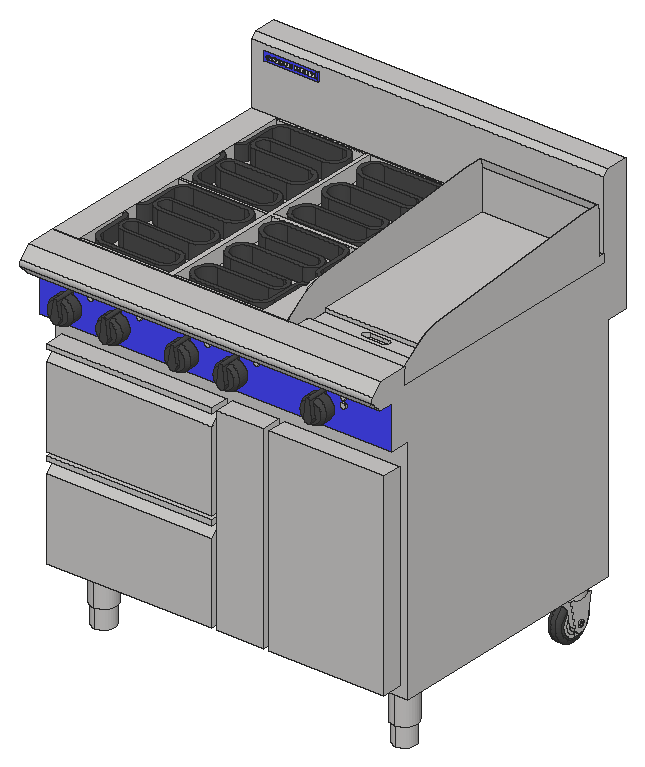
Revit family "QF_MOFFAT_BLUESEAL_CE_E516C-RB", category Specialty Equipment, Revit 2012
Parameters
  Weight in Pounds = 286  # constant formula
  Width [instance] = 900 mm  # constant formula
  Watts = 13000 W
  Volts = 400 V
  URL Cutsheet = "www.moffat.com"
  URL = "www.moffat.com"
  Type Mark [instance] = ""
  Status [instance] = ""
  Specification by User [instance] = ""
  Specification by Manufacturer = ""
  Show Logo [instance] = yes
  Show Door [instance] = no
  Show Clearance [instance] = yes
  Show Casters [instance] = yes
  Serial Number = ""
  Seismic Rating = ""
  SMACNA No = ""
  Revision Code [instance] = ""
  Refrigerant Type [instance] = "R134a"
  Phase = 3
  Omniclass Number and Title = ""
  Number of Poles = 1
  NAFEM Spec ID Number = ""
  Model = "E516C-RB"
  Min Ckt Ampacity = 0 A
  Max Overcurrent Protection = 0 A
  Masterspec = ""
  Manufacturer = "MOFFAT BLUESEAL"
  Legs [instance] = not(Show Casters)  # no
  Item Number [instance] = ""
  Installed By [instance] = ""
  Identify Quantity as Lot [instance] = yes
  Height = 1085 mm  # constant formula
  HP = ""
  Furnished By [instance] = ""
  Foodservice Equipment Identifier [instance] = yes
  FL Amps = 20 A
  Electrical Remarks = "20A PER PHASE"
  Elec Conn RI Height = 0 mm
  Elec Conn Connection Height = 0 mm
  Drawer Clearance [instance] = and(Show Clearance, and(Drawer))  # yes
  Drawer [instance] = not(Show Door)  # yes
  Door Clearance [instance] = and(Show Clearance, and(Show Door))  # no
  Description = "900MM ELECTRIC COOK TOP ON REFRIGERATED BASE"
  Depth [instance] = 812 mm  # constant formula
  Cycle = 50 Hz
  Conn Plug = ""
  Conn Conduit = yes
  CSI MasterFormat = ""
  CSI Master Format = ""
  Back Splash [instance] = 215 mm  # constant formula
  Apparent Power = if(Phase = 3, Volts * FL Amps * 1.73, Volts * FL Amps)  # 13840 VA
Reference planes
  plane 1 "BACK": y = 0
  plane 2: z = 0
  plane 3 "LEFT": x = 0
  plane 4 "RIGHT": x = 900
  plane 5 "FRONT": y = -812
  plane 6 "TOP": z = 970
  plane 7 "Center Y": x = 450
  plane 8 "Center X": y = -406
  plane 9 "Base Height": z = 150
  plane 10: z = 915
  plane 11: x = 65
  plane 12: x = 834
  plane 13: y = -625
  plane 14: x = 770
  plane 15: z = 655
  plane 16: y = -32
  plane 17: x = 617
  plane 18: z = 402
  plane 19: z = 1085
  plane 20: y = -100
Forms (mm)
  Extrusion 1, solid, material "QF_Finishes_Stainless Steel"
    sketch origin (0, 0, 0) x (0, 1, 0) y (0, 0, 1)
      loop
        line (-697, 150) -> (-57, 150) -> (-57, 740) -> (0, 740) -> (0, 1085) -> (-57.5, 1085) -> (-70, 1072.5) -> (-70, 875) -> (-705, 875) -> (-705, 915) -> (-783.97, 915) -> (-808.485, 890.485)
        arc (-808.485, 890.485) -> (-811.999, 882) -> (-808.485, 873.515) r 12
        line (-808.485, 873.515) -> (-784.97, 850) -> (-749, 850) -> (-749, 740) -> (-697, 740) -> (-697, 150)
    from 0 to 900
  Revolve 2, solid, material "QF_Finishes_Stainless Steel", visible <- "Legs"
    sketch origin (834, -210, 0) x (0, 1, 0) y (0, 0, -1)
      loop
        line (78.25, -150) -> (110, -150) -> (110, 0) -> (82.5, 0) -> (82.5, -50) -> (78.25, -50) -> (78.25, -150)
      axis (110, -150) -> (110, 0)
    angle from 0 to 360
  Revolve 3, solid, material "QF_Finishes_Stainless Steel"
    sketch origin (834, -735, 0) x (0, 1, 0) y (0, 0, -1)
      loop
        line (78.25, -150) -> (110, -150) -> (110, 0) -> (82.5, 0) -> (82.5, -50) -> (78.25, -50) -> (78.25, -150)
      axis (110, -150) -> (110, 0)
    angle from 0 to 360
  Revolve 4, solid, material "QF_Finishes_Stainless Steel", visible <- "Legs"
    sketch origin (65, -210, 0) x (0, 1, 0) y (0, 0, -1)
      loop
        line (78.25, -150) -> (110, -150) -> (110, 0) -> (82.5, 0) -> (82.5, -50) -> (78.25, -50) -> (78.25, -150)
      axis (110, -150) -> (110, 0)
    angle from 0 to 360
  Revolve 5, solid, material "QF_Finishes_Stainless Steel"
    sketch origin (65, -735, 0) x (0, 1, 0) y (0, 0, -1)
      loop
        line (78.25, -150) -> (110, -150) -> (110, 0) -> (82.5, 0) -> (82.5, -50) -> (78.25, -50) -> (78.25, -150)
      axis (110, -150) -> (110, 0)
    angle from 0 to 360
  Revolve 6, solid, material "QF_Finishes_Black"
    sketch origin (87.5, 0, 597.8) x (0, 1, 0) y (0, 0, -1)
      loop
        line (-789, -229.5) -> (-766, -229.5) -> (-766, -202) -> (-756, -202) -> (-756, -197) -> (-800, -197) -> (-800, -223.651) -> (-789, -229.5)
      axis (-800, -197) -> (-756, -197)
    angle from 0 to 360
  Extrusion 7, solid, material "QF_Finishes_Black"
    sketch origin (225.77, 0, 597.958) x (-1, 0, 0) y (0, 0, -1)
      loop
        line (127.85, -186.037) -> (133.271, -228.955)
        arc (133.271, -228.955) -> (138.27, -233.842) -> (143.268, -228.955) r 5
        line (143.268, -228.955) -> (148.757, -184.87)
        arc (148.757, -184.87) -> (137.685, -174.371) -> (127.85, -186.037) r 10.487
    from 759 to 808
  Extrusion 8, solid, material "QF_Finishes_Stainless Steel"
    sketch origin (0, 0, 740) x (-1, 0, 0) y (0, 1, 0)
      loop
        circle (-770, -32) r 13.5
    from 0 to 1
  Extrusion 9, solid, material "QF_Finishes_Stainless Steel"
    sketch origin (0, -57, 685) x (0, 0, 1) y (1, 0, 0)
      loop
        circle (-265, 620) r 13.5
    from 0 to 3.18
  Extrusion 10, solid, material "QF_Finishes_Stainless Steel"
    sketch origin (0, -749, 866) x (0, 0, -1) y (1, 0, 0)
      loop
        circle (41.2, 257.5) r 7.15
      loop
        circle (41.2, 132.5) r 7.15
      loop
        circle (41.2, 432.5) r 7.15
      loop
        circle (41.2, 557.5) r 7.15
      loop
        circle (41.2, 779) r 7.15
      loop
        circle (61.2, 779) r 7.15
    from 0 to 3.18
  Revolve 11, solid, material "QF_Finishes_Black"
    sketch origin (211.766, 0, 597.8) x (0, 1, 0) y (0, 0, -1)
      loop
        line (-789, -229.5) -> (-766, -229.5) -> (-766, -202) -> (-756, -202) -> (-756, -197) -> (-800, -197) -> (-800, -223.651) -> (-789, -229.5)
      axis (-800, -197) -> (-756, -197)
    angle from 0 to 360
  Extrusion 12, solid, material "QF_Finishes_Black"
    sketch origin (350.035, 0, 597.958) x (-1, 0, 0) y (0, 0, -1)
      loop
        line (127.85, -186.037) -> (133.271, -228.955)
        arc (133.271, -228.955) -> (138.27, -233.842) -> (143.268, -228.955) r 5
        line (143.268, -228.955) -> (148.757, -184.87)
        arc (148.757, -184.87) -> (137.685, -174.371) -> (127.85, -186.037) r 10.487
    from 759 to 808
  Revolve 13, solid, material "QF_Finishes_Black"
    sketch origin (386.766, 0, 597.8) x (0, 1, 0) y (0, 0, -1)
      loop
        line (-789, -229.5) -> (-766, -229.5) -> (-766, -202) -> (-756, -202) -> (-756, -197) -> (-800, -197) -> (-800, -223.651) -> (-789, -229.5)
      axis (-800, -197) -> (-756, -197)
    angle from 0 to 360
  Extrusion 14, solid, material "QF_Finishes_Black"
    sketch origin (525.035, 0, 597.958) x (-1, 0, 0) y (0, 0, -1)
      loop
        line (127.85, -186.037) -> (133.271, -228.955)
        arc (133.271, -228.955) -> (138.27, -233.842) -> (143.268, -228.955) r 5
        line (143.268, -228.955) -> (148.757, -184.87)
        arc (148.757, -184.87) -> (137.685, -174.371) -> (127.85, -186.037) r 10.487
    from 759 to 808
  Revolve 15, solid, material "QF_Finishes_Black"
    sketch origin (511.766, 0, 597.8) x (0, 1, 0) y (0, 0, -1)
      loop
        line (-789, -229.5) -> (-766, -229.5) -> (-766, -202) -> (-756, -202) -> (-756, -197) -> (-800, -197) -> (-800, -223.651) -> (-789, -229.5)
      axis (-800, -197) -> (-756, -197)
    angle from 0 to 360
  Extrusion 16, solid, material "QF_Finishes_Black"
    sketch origin (650.035, 0, 597.958) x (-1, 0, 0) y (0, 0, -1)
      loop
        line (127.85, -186.037) -> (133.271, -228.955)
        arc (133.271, -228.955) -> (138.27, -233.842) -> (143.268, -228.955) r 5
        line (143.268, -228.955) -> (148.757, -184.87)
        arc (148.757, -184.87) -> (137.685, -174.371) -> (127.85, -186.037) r 10.487
    from 759 to 808
  Revolve 17, solid, material "QF_Finishes_Black"
    sketch origin (733.995, 0, 597.8) x (0, 1, 0) y (0, 0, -1)
      loop
        line (-789, -229.5) -> (-766, -229.5) -> (-766, -202) -> (-756, -202) -> (-756, -197) -> (-800, -197) -> (-800, -223.651) -> (-789, -229.5)
      axis (-800, -197) -> (-756, -197)
    angle from 0 to 360
  Extrusion 18, solid, material "QF_Finishes_Black"
    sketch origin (872.265, 0, 597.958) x (-1, 0, 0) y (0, 0, -1)
      loop
        line (127.85, -186.037) -> (133.271, -228.955)
        arc (133.271, -228.955) -> (138.27, -233.842) -> (143.268, -228.955) r 5
        line (143.268, -228.955) -> (148.757, -184.87)
        arc (148.757, -184.87) -> (137.685, -174.371) -> (127.85, -186.037) r 10.487
    from 759 to 808
  Revolve 19, solid, material "QF_Finishes_Stainless Steel", visible <- "Show Casters"
    sketch origin (485.423, -100.755, -12.798) x (1, 0, 0) y (0, 0, 1)
      loop
        line (314.841, 63.604) -> (383.584, 63.604) -> (383.584, 67.109) -> (382.314, 68.379) -> (380.79, 68.379) -> (380.79, 71.826) -> (368.644, 71.826) -> (368.644, 81.79) -> (365.088, 83.843) -> (363.738, 92.179) -> (365.881, 92.179) -> (365.881, 98.529) -> (365.088, 98.529) -> (365.088, 104.879)
        arc (365.088, 104.879) -> (362.298, 111.614) -> (355.563, 114.404) r 9.525
        line (355.563, 114.404) -> (342.863, 114.404)
        arc (342.863, 114.404) -> (336.127, 111.614) -> (333.338, 104.879) r 9.525
        line (333.338, 104.879) -> (333.338, 98.529) -> (332.544, 98.529) -> (332.544, 92.179) -> (334.687, 92.179) -> (333.352, 83.932) -> (329.782, 81.871) -> (329.782, 71.826) -> (317.635, 71.826) -> (317.635, 68.379) -> (316.111, 68.379) -> (314.841, 67.109) -> (314.841, 63.604)
      axis (314.841, 63.604) -> (383.584, 63.604)
    angle from 0 to 360
  Extrusion 20, solid, material "QF_Finishes_Stainless Steel", visible <- "Show Casters"
    sketch origin (841.147, 132.353, -9.137) x (0, 1, 0) y (0, 0, 1)
      loop
        line (-200.603, 118.783) -> (-264.103, 118.783) -> (-251.746, 53.895)
        arc (-251.746, 53.895) -> (-232.353, 38.783) -> (-212.959, 53.895) r 20
        line (-212.959, 53.895) -> (-200.603, 118.783)
    from -35.667 to 22.923
  Revolve 21, solid, material "QF_Finishes_Stainless Steel", visible <- "Show Casters"
    sketch origin (834.646, -204, -0.354) x (0, 1, 0) y (0, 0, 1)
      loop
        line (68.25, 150) -> (68.25, 110) -> (104, 110) -> (104, 150) -> (68.25, 150)
      axis (104, 150) -> (104, 110)
    angle from 0 to 360
  Revolve 22, solid, material "QF_Finishes_Stainless Steel", visible <- "Show Casters"
    sketch origin (-283.577, -100.755, -12.798) x (1, 0, 0) y (0, 0, 1)
      loop
        line (314.841, 63.604) -> (383.584, 63.604) -> (383.584, 67.109) -> (382.314, 68.379) -> (380.79, 68.379) -> (380.79, 71.826) -> (368.644, 71.826) -> (368.644, 81.79) -> (365.088, 83.843) -> (363.738, 92.179) -> (365.881, 92.179) -> (365.881, 98.529) -> (365.088, 98.529) -> (365.088, 104.879)
        arc (365.088, 104.879) -> (362.298, 111.614) -> (355.563, 114.404) r 9.525
        line (355.563, 114.404) -> (342.863, 114.404)
        arc (342.863, 114.404) -> (336.127, 111.614) -> (333.338, 104.879) r 9.525
        line (333.338, 104.879) -> (333.338, 98.529) -> (332.544, 98.529) -> (332.544, 92.179) -> (334.687, 92.179) -> (333.352, 83.932) -> (329.782, 81.871) -> (329.782, 71.826) -> (317.635, 71.826) -> (317.635, 68.379) -> (316.111, 68.379) -> (314.841, 67.109) -> (314.841, 63.604)
      axis (314.841, 63.604) -> (383.584, 63.604)
    angle from 0 to 360
  Extrusion 23, solid, material "QF_Finishes_Stainless Steel", visible <- "Show Casters"
    sketch origin (72.147, 132.353, -9.137) x (0, 1, 0) y (0, 0, 1)
      loop
        line (-200.603, 118.783) -> (-264.103, 118.783) -> (-251.746, 53.895)
        arc (-251.746, 53.895) -> (-232.353, 38.783) -> (-212.959, 53.895) r 20
        line (-212.959, 53.895) -> (-200.603, 118.783)
    from -35.667 to 22.923
  Revolve 24, solid, material "QF_Finishes_Stainless Steel", visible <- "Show Casters"
    sketch origin (65.646, -204, -0.354) x (0, 1, 0) y (0, 0, 1)
      loop
        line (68.25, 150) -> (68.25, 110) -> (104, 110) -> (104, 150) -> (68.25, 150)
      axis (104, 150) -> (104, 110)
    angle from 0 to 360
  Extrusion 25, solid, material "QF_Finishes_Stainless Steel"
    sketch origin (0, 0, 0) x (0, 1, 0) y (0, 0, 1)
      loop
        line (-699, 678) -> (-747, 678) -> (-747, 665) -> (-715.13, 665) -> (-749, 636.579) -> (-749, 431) -> (-699, 431) -> (-699, 678)
      loop
        line (-749, 175) -> (-699, 175) -> (-699, 421) -> (-747, 421) -> (-747, 408) -> (-715.13, 408) -> (-749, 379.579) -> (-749, 175)
    from 17.986 to 440
  Extrusion 26, solid, material "QF_Finishes_Stainless Steel"
    sketch origin (723.5, 0, 0) x (0, 1, 0) y (0, 0, 1)
      loop
        line (-699, 678) -> (-749, 678) -> (-749, 175) -> (-699, 175) -> (-699, 678)
    from -270.5 to -150.5
  Extrusion 27, solid, material "QF_Door-Drawer Clearances", visible <- "Show Clearance", detail levels coarse
    sketch origin (0, -749, 676) x (0, 0, -1) y (1, 0, 0)
      loop
        line (501, 440) -> (255, 440) -> (255, 17.986) -> (501, 17.986) -> (501, 440)
      loop
        line (245, 440) -> (-2, 440) -> (-2, 17.986) -> (245, 17.986) -> (245, 440)
    from 0 to 304.8
  Extrusion 28, solid, material "QF_Finishes_Stainless Steel"
    sketch origin (1031.5, 0, 0) x (0, 1, 0) y (0, 0, 1)
      loop
        line (-699, 678) -> (-749, 678) -> (-749, 175) -> (-699, 175) -> (-699, 678)
    from -444.5 to -150.5
Lines and regions (mm)
  Split face 1
    outline origin (0, 612.322, 1085) x (0, -1, 0) y (1, 0, 0)
      loop
        arc (657.707, 566) -> (652.707, 574.66) -> (642.707, 574.66) r 10
        line (642.707, 574.66) -> (635.707, 570.619)
        arc (635.707, 570.619) -> (632.047, 566.959) -> (630.707, 561.959) r 10
        line (630.707, 561.959) -> (630.707, 334)
        arc (630.707, 334) -> (635.707, 325.34) -> (645.707, 325.34) r 10
        line (645.707, 325.34) -> (652.707, 329.381)
        arc (652.707, 329.381) -> (656.368, 333.041) -> (657.707, 338.041) r 10
        line (657.707, 338.041) -> (657.707, 566)
  Split face 2
    outline origin (0, 612.322, 1085) x (0, -1, 0) y (1, 0, 0)
      loop
        arc (630.707, 624) -> (635.707, 615.34) -> (645.707, 615.34) r 10
        line (645.707, 615.34) -> (652.707, 619.381)
        arc (652.707, 619.381) -> (656.368, 623.041) -> (657.707, 628.041) r 10
        line (657.707, 628.041) -> (657.707, 856)
        arc (657.707, 856) -> (652.707, 864.66) -> (642.707, 864.66) r 10
        line (642.707, 864.66) -> (635.707, 860.619)
        arc (635.707, 860.619) -> (632.047, 856.959) -> (630.707, 851.959) r 10
        line (630.707, 851.959) -> (630.707, 624)
  Split face 3
    outline origin (0, 612.322, 1085) x (0, -1, 0) y (1, 0, 0)
      loop
        arc (657.707, 276) -> (652.707, 284.66) -> (642.707, 284.66) r 10
        line (642.707, 284.66) -> (635.707, 280.619)
        arc (635.707, 280.619) -> (632.047, 276.959) -> (630.707, 271.959) r 10
        line (630.707, 271.959) -> (630.707, 44)
        arc (630.707, 44) -> (635.707, 35.34) -> (645.707, 35.34) r 10
        line (645.707, 35.34) -> (652.707, 39.381)
        arc (652.707, 39.381) -> (656.368, 43.041) -> (657.707, 48.041) r 10
        line (657.707, 48.041) -> (657.707, 276)
  Split face 4
    outline origin (1031.5, -749, 676) x (0, 0, -1) y (1, 0, 0)
      loop
        line (291.62, -416.534) -> (481.62, -416.534) -> (481.62, -181.534) -> (291.62, -181.534) -> (291.62, -416.534)
  Split face 5
    outline origin (1031.5, -749, 931) x (0, 0, -1) y (1, 0, 0)
      loop
        line (291.62, -416.534) -> (356.62, -416.534) -> (356.62, -181.534) -> (291.62, -181.534) -> (291.62, -416.534)
  Split face 6
    outline origin (1031.5, -749, 807.725) x (0, 0, -1) y (1, 0, 0)
      loop
        line (307.841, -274.649) -> (342.841, -274.649) -> (342.841, -219.649) -> (307.841, -219.649) -> (307.841, -274.649)
  Split face 7
    outline origin (939.097, -749, 808.536) x (0, 0, -1) y (1, 0, 0)
      loop
        line (307.841, -274.649) -> (342.841, -274.649) -> (342.841, -239.649) -> (307.841, -239.649) -> (307.841, -274.649)
  symbolic lines
    curve 1: line (0, 0, 0) -> (0, -812, 0)
    curve 2: line (900, 0, 0) -> (0, 0, 0)
    curve 3: line (900, -812, 0) -> (900, 0, 0)
    curve 4: line (0, -812, 0) -> (900, -812, 0)
    curve 13: line (0, -783.97, 0) -> (900, -783.97, 0)
    curve 14: line (334, -18.385, 0) -> (561.959, -18.385, 0)
    curve 15: arc (561.959, -18.385, 0) -> (566.959, -19.725, 0) -> (570.619, -23.385, 0) r 10
    curve 16: line (570.619, -23.385, 0) -> (574.66, -30.385, 0)
    curve 17: arc (574.66, -30.385, 0) -> (574.66, -40.385, 0) -> (566, -45.385, 0) r 10
    curve 18: line (566, -45.385, 0) -> (338.041, -45.385, 0)
    curve 19: arc (338.041, -45.385, 0) -> (333.041, -44.045, 0) -> (329.381, -40.385, 0) r 10
    curve 20: line (329.381, -40.385, 0) -> (325.34, -33.385, 0)
    curve 21: arc (325.34, -33.385, 0) -> (325.34, -23.385, 0) -> (334, -18.385, 0) r 10
    curve 22: line (851.959, -18.385, 0) -> (624, -18.385, 0)
    curve 23: arc (624, -18.385, 0) -> (615.34, -23.385, 0) -> (615.34, -33.385, 0) r 10
    curve 24: line (615.34, -33.385, 0) -> (619.381, -40.385, 0)
    curve 25: arc (619.381, -40.385, 0) -> (623.041, -44.045, 0) -> (628.041, -45.385, 0) r 10
    curve 26: line (628.041, -45.385, 0) -> (856, -45.385, 0)
    curve 27: arc (856, -45.385, 0) -> (864.66, -40.385, 0) -> (864.66, -30.385, 0) r 10
    curve 28: line (864.66, -30.385, 0) -> (860.619, -23.385, 0)
    curve 29: arc (860.619, -23.385, 0) -> (856.959, -19.725, 0) -> (851.959, -18.385, 0) r 10
    curve 30: line (44, -18.385, 0) -> (271.959, -18.385, 0)
    curve 31: arc (271.959, -18.385, 0) -> (276.959, -19.725, 0) -> (280.619, -23.385, 0) r 10
    curve 32: line (280.619, -23.385, 0) -> (284.66, -30.385, 0)
    curve 33: arc (284.66, -30.385, 0) -> (284.66, -40.385, 0) -> (276, -45.385, 0) r 10
    curve 34: line (276, -45.385, 0) -> (48.041, -45.385, 0)
    curve 35: arc (48.041, -45.385, 0) -> (43.041, -44.045, 0) -> (39.381, -40.385, 0) r 10
    curve 36: line (39.381, -40.385, 0) -> (35.34, -33.385, 0)
    curve 37: arc (35.34, -33.385, 0) -> (35.34, -23.385, 0) -> (44, -18.385, 0) r 10
    curve 38: line (900, -57, 0) -> (0, -57, 0)
    curve 39: line (0, -70, 0) -> (900, -70, 0)
  symbolic lines, style "SpecialityEquipmentHiddenLines", visible <- "Show Casters"
    curve 5: line (875.952, -62.61, 0) -> (825.152, -150.598, 0)
    curve 6: line (848.456, -46.735, 0) -> (875.952, -62.61, 0)
    curve 7: line (797.656, -134.723, 0) -> (848.456, -46.735, 0)
    curve 8: line (825.152, -150.598, 0) -> (797.656, -134.723, 0)
    curve 9: line (106.952, -62.61, 0) -> (56.152, -150.598, 0)
    curve 10: line (79.456, -46.735, 0) -> (106.952, -62.61, 0)
    curve 11: line (28.656, -134.723, 0) -> (79.456, -46.735, 0)
    curve 12: line (56.152, -150.598, 0) -> (28.656, -134.723, 0)
  symbolic lines, style "QF_Door-Drawer Clearances"
    curve 40: line (17.986, -1053.8, 0) -> (440, -1053.8, 0)
    curve 41: line (440, -1053.8, 0) -> (440, -812, 0)
    curve 42: line (17.986, -1053.8, 0) -> (17.986, -812, 0)
Dimensions and locks
  equal spacing: plane 3 "LEFT", plane 7 "Center Y", plane 4 "RIGHT"
  "Width": plane 3 "LEFT" to plane 4 "RIGHT"
  equal spacing: plane 5 "FRONT", plane 8 "Center X", plane 1 "BACK"
  "Depth": plane 5 "FRONT" to plane 1 "BACK"
  locked: plane 10 to level at 915
  locked: plane 9 "Base Height" to level at 150
  plane 6 "TOP" to plane 10 = 55 mm
  plane 12 to plane 11 = 769 mm
  plane 14 to plane 4 "RIGHT" = 130 mm
  plane 15 to level = 655 mm
  plane 16 to plane 1 "BACK" = 32 mm
  plane 17 to plane 4 "RIGHT" = 283 mm
  plane 18 to level = 402 mm
  Revolve 19 sketch curve to Revolve 19 sketch curve = 50.8 mm
  Revolve 22 sketch curve to Revolve 22 sketch curve = 50.8 mm
  "Height": plane 19 to level
  aligned and locked: level to plane 2
Automatic sketch dimensions
  curve 1 to plane 3 "LEFT" = 0 mm
  plane 1 "BACK" to curve 2 = 0 mm
  curve 2 to plane 4 "RIGHT" = 0 mm
  plane 5 "FRONT" to curve 1 = 0 mm
  curve 12 to plane 11 = 8.848 mm
  plane 11 to curve 10 = 14.456 mm
  plane 14 to curve 8 = 27.656 mm
  plane 12 to curve 8 = 8.848 mm
  curve 6 to plane 12 = 14.456 mm
  plane 20 to curve 8 = 50.598 mm
  plane 20 to curve 12 = 50.598 mm
  curve 9 to curve 11 = 15.875 mm
  curve 5 to curve 7 = 15.875 mm
  Extrusion 1 sketch curve to plane 10 = 0 mm
  Extrusion 1 sketch curve to plane 9 "Base Height" = 0 mm
  Extrusion 1 sketch curve to plane 19 = 0 mm
  Extrusion 1 sketch curve to plane 1 "BACK" = 0 mm
  Extrusion 1 sketch curve to plane 16 = 25 mm
  Extrusion 1 sketch curve to plane 16 = 25.5 mm
  Extrusion 1 sketch curve to plane 20 = 30 mm
  Extrusion 1 sketch curve to plane 13 = 72 mm
  Extrusion 1 sketch curve to plane 13 = 80 mm
  Extrusion 1 sketch curve to Extrusion 1 sketch curve = 44 mm
  Extrusion 1 sketch curve to plane 5 "FRONT" = 28.03 mm
  Extrusion 1 sketch curve to plane 5 "FRONT" = 27.03 mm
  Extrusion 1 sketch curve to plane 5 "FRONT" = 12.001 mm
  Extrusion 1 sketch curve to plane 5 "FRONT" = 3.515 mm  (x2)
  plane 15 to Extrusion 1 sketch curve = 85 mm  (x2)
  Extrusion 1 sketch curve to plane 10 = 65 mm
  Extrusion 1 sketch curve to Extrusion 1 sketch curve = 23.515 mm
  Extrusion 1 sketch curve to Extrusion 1 sketch curve = 40 mm
  Extrusion 1 sketch curve to Extrusion 1 sketch curve = 8.485 mm
  Extrusion 1 sketch curve to plane 19 = 12.5 mm
  Revolve 2 sketch curve to plane 9 "Base Height" = 0 mm
  Revolve 2 sketch curve to level = 0 mm
  Revolve 2 sketch curve to plane 20 = 0 mm  (x2)
  plane 20 to Revolve 2 sketch curve = 27.5 mm
  plane 20 to Revolve 2 sketch curve = 31.75 mm
  level to Revolve 2 sketch curve = 50 mm
  Revolve 2 sketch curve to Revolve 2 sketch curve = 0 mm
  Revolve 2 sketch curve to Revolve 2 sketch curve = 55 mm
  Revolve 3 sketch curve to plane 9 "Base Height" = 0 mm
  Revolve 3 sketch curve to level = 0 mm
  Revolve 3 sketch curve to plane 13 = 0 mm  (x2)
  Revolve 3 sketch curve to plane 13 = 27.5 mm
  Revolve 3 sketch curve to plane 13 = 31.75 mm
  level to Revolve 3 sketch curve = 50 mm
  Revolve 3 sketch curve to Revolve 3 sketch curve = 0 mm
  Revolve 3 sketch curve to Revolve 3 sketch curve = 55 mm
  Revolve 4 sketch curve to plane 9 "Base Height" = 0 mm
  Revolve 4 sketch curve to level = 0 mm
  Revolve 4 sketch curve to plane 20 = 0 mm  (x2)
  plane 20 to Revolve 4 sketch curve = 27.5 mm
  plane 20 to Revolve 4 sketch curve = 31.75 mm
  level to Revolve 4 sketch curve = 50 mm
  Revolve 4 sketch curve to Revolve 4 sketch curve = 0 mm
  Revolve 4 sketch curve to Revolve 4 sketch curve = 55 mm
  Revolve 5 sketch curve to plane 9 "Base Height" = 0 mm
  Revolve 5 sketch curve to level = 0 mm
  Revolve 5 sketch curve to plane 13 = 0 mm  (x2)
  Revolve 5 sketch curve to plane 13 = 27.5 mm
  Revolve 5 sketch curve to plane 13 = 31.75 mm
  level to Revolve 5 sketch curve = 50 mm
  Revolve 5 sketch curve to Revolve 5 sketch curve = 0 mm
  Revolve 5 sketch curve to Revolve 5 sketch curve = 55 mm
  Revolve 6 sketch curve to plane 5 "FRONT" = 12 mm
  Revolve 6 sketch curve to Revolve 6 sketch curve = 0 mm  (x2)
  Revolve 6 sketch curve to Revolve 6 sketch curve = 11 mm
  Revolve 6 sketch curve to Revolve 6 sketch curve = 12.7 mm
  Revolve 6 sketch curve to Revolve 6 sketch curve = 23 mm
  Revolve 6 sketch curve to Revolve 6 sketch curve = 10 mm
  Revolve 6 sketch curve to plane 10 = 87.7 mm
  Revolve 6 sketch curve to Revolve 6 sketch curve = 5.849 mm
  Revolve 6 sketch curve to Revolve 6 sketch curve = 27.5 mm
  Revolve 6 sketch curve to Revolve 6 sketch curve = 5 mm
  plane 11 to Extrusion 7 sketch curve = 32.919 mm
  plane 11 to Extrusion 7 sketch curve = 27.499 mm
  Extrusion 7 sketch curve to Extrusion 7 sketch curve = 10.419 mm
  Extrusion 7 sketch curve to Extrusion 7 sketch curve = 4.999 mm  (x2)
  Extrusion 7 sketch curve to Extrusion 7 sketch curve = 10.487 mm
  Extrusion 7 sketch curve to plane 10 = 88.087 mm
  Extrusion 7 sketch curve to Extrusion 7 sketch curve = 0.113 mm
  Extrusion 7 sketch curve to Extrusion 7 sketch curve = 42.919 mm
  Extrusion 7 sketch curve to Extrusion 7 sketch curve = 1.167 mm
  Extrusion 1 to Extrusion 9 sketch curve = 270 mm
  Extrusion 1 to Extrusion 9 sketch curve = 280 mm
  Extrusion 10 sketch curve to Extrusion 1 = 25.2 mm  (x5)
  Extrusion 10 sketch curve to Extrusion 1 = 45.2 mm
  Extrusion 1 to Extrusion 10 sketch curve = 132.5 mm
  Extrusion 10 sketch curve to Extrusion 10 sketch curve = 125 mm  (x2)
  Extrusion 10 sketch curve to Extrusion 10 sketch curve = 175 mm
  Extrusion 1 to Extrusion 10 sketch curve = 121 mm  (x2)
  Revolve 11 sketch curve to plane 5 "FRONT" = 12 mm
  Revolve 11 sketch curve to Revolve 11 sketch curve = 0 mm  (x2)
  Revolve 11 sketch curve to Revolve 11 sketch curve = 11 mm
  Revolve 11 sketch curve to Revolve 11 sketch curve = 12.7 mm
  Revolve 11 sketch curve to Revolve 11 sketch curve = 23 mm
  Revolve 11 sketch curve to Revolve 11 sketch curve = 10 mm
  Revolve 11 sketch curve to plane 10 = 87.7 mm
  Revolve 11 sketch curve to Revolve 11 sketch curve = 5.849 mm
  Revolve 11 sketch curve to Revolve 11 sketch curve = 27.5 mm
  Revolve 11 sketch curve to Revolve 11 sketch curve = 5 mm
  plane 11 to Extrusion 12 sketch curve = 157.185 mm
  Extrusion 12 sketch curve to Extrusion 12 sketch curve = 5.421 mm
  Extrusion 12 sketch curve to Extrusion 12 sketch curve = 10.419 mm
  Extrusion 12 sketch curve to Extrusion 12 sketch curve = 4.999 mm  (x2)
  Extrusion 12 sketch curve to plane 10 = 88.087 mm
  Extrusion 12 sketch curve to Extrusion 12 sketch curve = 10.487 mm
  Extrusion 12 sketch curve to Extrusion 12 sketch curve = 0.113 mm
  Extrusion 12 sketch curve to Extrusion 12 sketch curve = 42.919 mm
  Extrusion 12 sketch curve to Extrusion 12 sketch curve = 1.167 mm
  Revolve 13 sketch curve to plane 5 "FRONT" = 12 mm
  Revolve 13 sketch curve to Revolve 13 sketch curve = 0 mm  (x2)
  Revolve 13 sketch curve to Revolve 13 sketch curve = 11 mm
  Revolve 13 sketch curve to Revolve 13 sketch curve = 12.7 mm
  Revolve 13 sketch curve to Revolve 13 sketch curve = 23 mm
  Revolve 13 sketch curve to Revolve 13 sketch curve = 10 mm
  Revolve 13 sketch curve to plane 10 = 87.7 mm
  Revolve 13 sketch curve to Revolve 13 sketch curve = 5.849 mm
  Revolve 13 sketch curve to Revolve 13 sketch curve = 27.5 mm
  Revolve 13 sketch curve to Revolve 13 sketch curve = 5 mm
  Extrusion 14 sketch curve to plane 7 "Center Y" = 52.815 mm
  Extrusion 14 sketch curve to Extrusion 14 sketch curve = 5.421 mm
  Extrusion 14 sketch curve to Extrusion 14 sketch curve = 10.419 mm
  Extrusion 14 sketch curve to Extrusion 14 sketch curve = 4.999 mm  (x2)
  Extrusion 14 sketch curve to Extrusion 14 sketch curve = 10.487 mm
  Extrusion 14 sketch curve to plane 10 = 88.087 mm
  Extrusion 14 sketch curve to Extrusion 14 sketch curve = 0.113 mm
  Extrusion 14 sketch curve to Extrusion 14 sketch curve = 42.919 mm
  Extrusion 14 sketch curve to Extrusion 14 sketch curve = 1.167 mm
  Revolve 15 sketch curve to plane 5 "FRONT" = 12 mm
  Revolve 15 sketch curve to Revolve 15 sketch curve = 0 mm  (x2)
  Revolve 15 sketch curve to Revolve 15 sketch curve = 11 mm
  Revolve 15 sketch curve to Revolve 15 sketch curve = 12.7 mm
  Revolve 15 sketch curve to Revolve 15 sketch curve = 23 mm
  Revolve 15 sketch curve to Revolve 15 sketch curve = 10 mm
  Revolve 15 sketch curve to plane 10 = 87.7 mm
  Revolve 15 sketch curve to Revolve 15 sketch curve = 5.849 mm
  Revolve 15 sketch curve to Revolve 15 sketch curve = 27.5 mm
  Revolve 15 sketch curve to Revolve 15 sketch curve = 5 mm
  plane 7 "Center Y" to Extrusion 16 sketch curve = 72.185 mm
  Extrusion 16 sketch curve to Extrusion 16 sketch curve = 5.421 mm
  Extrusion 16 sketch curve to Extrusion 16 sketch curve = 10.419 mm
  Extrusion 16 sketch curve to Extrusion 16 sketch curve = 4.999 mm  (x2)
  Extrusion 16 sketch curve to Extrusion 16 sketch curve = 10.487 mm
  Extrusion 16 sketch curve to plane 10 = 88.087 mm
  Extrusion 16 sketch curve to Extrusion 16 sketch curve = 0.113 mm
  Extrusion 16 sketch curve to Extrusion 16 sketch curve = 42.919 mm
  Extrusion 16 sketch curve to Extrusion 16 sketch curve = 1.167 mm
  Revolve 17 sketch curve to plane 5 "FRONT" = 12 mm
  Revolve 17 sketch curve to Revolve 17 sketch curve = 0 mm  (x2)
  Revolve 17 sketch curve to Revolve 17 sketch curve = 11 mm
  Revolve 17 sketch curve to Revolve 17 sketch curve = 12.7 mm
  Revolve 17 sketch curve to Revolve 17 sketch curve = 23 mm
  Revolve 17 sketch curve to Revolve 17 sketch curve = 10 mm
  Revolve 17 sketch curve to plane 10 = 87.7 mm
  Revolve 17 sketch curve to Revolve 17 sketch curve = 5.849 mm
  Revolve 17 sketch curve to Revolve 17 sketch curve = 27.5 mm
  Revolve 17 sketch curve to Revolve 17 sketch curve = 5 mm
  Extrusion 18 sketch curve to plane 14 = 25.585 mm
  Extrusion 18 sketch curve to Extrusion 18 sketch curve = 5.421 mm
  Extrusion 18 sketch curve to Extrusion 18 sketch curve = 10.419 mm
  Extrusion 18 sketch curve to Extrusion 18 sketch curve = 4.999 mm  (x2)
  Extrusion 18 sketch curve to Extrusion 18 sketch curve = 10.487 mm
  Extrusion 18 sketch curve to plane 10 = 88.087 mm
  Extrusion 18 sketch curve to Extrusion 18 sketch curve = 0.113 mm
  Extrusion 18 sketch curve to Extrusion 18 sketch curve = 42.919 mm
  Extrusion 18 sketch curve to Extrusion 18 sketch curve = 1.167 mm
  plane 14 to Revolve 19 sketch curve = 30.264 mm
  Revolve 19 sketch curve to Revolve 19 sketch curve = 1.27 mm  (x4)
  Revolve 19 sketch curve to Revolve 19 sketch curve = 1.524 mm  (x2)
  Revolve 19 sketch curve to Revolve 19 sketch curve = 12.146 mm  (x2)
  plane 12 to Revolve 19 sketch curve = 16.033 mm
  Revolve 19 sketch curve to Revolve 19 sketch curve = 0.794 mm  (x2)
  Revolve 19 sketch curve to Revolve 19 sketch curve = 3.57 mm
  Revolve 19 sketch curve to Revolve 19 sketch curve = 2.143 mm
  plane 12 to Revolve 19 sketch curve = 5.715 mm
  Revolve 19 sketch curve to plane 12 = 5.776 mm
  Revolve 19 sketch curve to plane 12 = 6.985 mm
  Revolve 19 sketch curve to Revolve 19 sketch curve = 8.176 mm
  Revolve 19 sketch curve to Revolve 19 sketch curve = 1.349 mm  (x2)
  Revolve 19 sketch curve to Revolve 19 sketch curve = 3.556 mm
  Revolve 19 sketch curve to plane 4 "RIGHT" = 2.327 mm
  level to Revolve 19 sketch curve = 50.806 mm
  Revolve 19 sketch curve to Revolve 19 sketch curve = 0 mm
  Revolve 19 sketch curve to Revolve 19 sketch curve = 3.505 mm  (x2)
  Revolve 19 sketch curve to Revolve 19 sketch curve = 3.447 mm  (x2)
  Revolve 19 sketch curve to Revolve 19 sketch curve = 9.964 mm
  Revolve 19 sketch curve to Revolve 19 sketch curve = 10.045 mm
  Revolve 19 sketch curve to Revolve 19 sketch curve = 2.053 mm
  Revolve 19 sketch curve to Revolve 19 sketch curve = 2.061 mm
  Revolve 19 sketch curve to Revolve 19 sketch curve = 8.247 mm
  Revolve 19 sketch curve to Revolve 19 sketch curve = 8.336 mm
  Revolve 19 sketch curve to Revolve 19 sketch curve = 6.35 mm  (x2)
  Extrusion 20 sketch curve to plane 20 = 0 mm
  plane 20 to Extrusion 20 sketch curve = 19.393 mm
  plane 20 to Extrusion 20 sketch curve = 31.75 mm
  Extrusion 20 sketch curve to plane 20 = 19.393 mm
  Extrusion 20 sketch curve to plane 20 = 31.75 mm
  level to Extrusion 20 sketch curve = 44.758 mm
  Extrusion 20 sketch curve to Extrusion 20 sketch curve = 4.889 mm
  Extrusion 20 sketch curve to plane 9 "Base Height" = 40.354 mm
  Revolve 21 sketch curve to plane 20 = 0 mm  (x2)
  Revolve 21 sketch curve to plane 9 "Base Height" = 0.354 mm
  Revolve 21 sketch curve to Revolve 21 sketch curve = 35.75 mm
  Revolve 21 sketch curve to Revolve 21 sketch curve = 40 mm
  level to Revolve 21 sketch curve = 49.646 mm
  Revolve 21 sketch curve to level = 55.354 mm
  Revolve 22 sketch curve to Revolve 22 sketch curve = 1.27 mm  (x4)
  Revolve 22 sketch curve to Revolve 22 sketch curve = 1.524 mm  (x2)
  Revolve 22 sketch curve to Revolve 22 sketch curve = 12.146 mm  (x2)
  Revolve 22 sketch curve to plane 11 = 16.033 mm
  Revolve 22 sketch curve to Revolve 22 sketch curve = 0.794 mm  (x2)
  Revolve 22 sketch curve to Revolve 22 sketch curve = 3.57 mm
  Revolve 22 sketch curve to Revolve 22 sketch curve = 2.143 mm
  Revolve 22 sketch curve to plane 11 = 5.715 mm
  plane 11 to Revolve 22 sketch curve = 5.776 mm
  plane 11 to Revolve 22 sketch curve = 6.985 mm
  Revolve 22 sketch curve to Revolve 22 sketch curve = 8.176 mm
  Revolve 22 sketch curve to Revolve 22 sketch curve = 1.349 mm  (x2)
  Revolve 22 sketch curve to Revolve 22 sketch curve = 3.556 mm
  Revolve 22 sketch curve to Revolve 22 sketch curve = 33.32 mm
  level to Revolve 22 sketch curve = 50.806 mm
  Revolve 22 sketch curve to Revolve 22 sketch curve = 0 mm
  Revolve 22 sketch curve to Revolve 22 sketch curve = 3.505 mm  (x2)
  Revolve 22 sketch curve to Revolve 22 sketch curve = 3.447 mm  (x2)
  Revolve 22 sketch curve to Revolve 22 sketch curve = 9.964 mm
  Revolve 22 sketch curve to Revolve 22 sketch curve = 10.045 mm
  Revolve 22 sketch curve to Revolve 22 sketch curve = 2.053 mm
  Revolve 22 sketch curve to Revolve 22 sketch curve = 2.061 mm
  Revolve 22 sketch curve to Revolve 22 sketch curve = 8.247 mm
  Revolve 22 sketch curve to Revolve 22 sketch curve = 8.336 mm
  Revolve 22 sketch curve to Revolve 22 sketch curve = 6.35 mm  (x2)
  Extrusion 23 sketch curve to plane 20 = 0 mm
  plane 20 to Extrusion 23 sketch curve = 19.393 mm
  plane 20 to Extrusion 23 sketch curve = 31.75 mm
  Extrusion 23 sketch curve to plane 20 = 19.393 mm
  Extrusion 23 sketch curve to plane 20 = 31.75 mm
  level to Extrusion 23 sketch curve = 44.758 mm
  Extrusion 23 sketch curve to Extrusion 23 sketch curve = 4.889 mm
  Extrusion 23 sketch curve to plane 9 "Base Height" = 40.354 mm
  Revolve 24 sketch curve to plane 20 = 0 mm  (x2)
  Revolve 24 sketch curve to plane 9 "Base Height" = 0.354 mm
  plane 20 to Revolve 24 sketch curve = 35.75 mm
  Revolve 24 sketch curve to Revolve 24 sketch curve = 40 mm
  level to Revolve 24 sketch curve = 49.646 mm
  Revolve 24 sketch curve to level = 55.354 mm
  plane 3 "LEFT" to curve 12 = 28.656 mm
  Revolve 22 sketch curve to Revolve 22 sketch curve = 2.762 mm
  Split face 1 sketch curve to Extrusion 1 = 18.385 mm
  Split face 1 sketch curve to Split face 1 sketch curve = 5 mm  (x2)
  Split face 1 sketch curve to Split face 1 sketch curve = 10 mm  (x3)
  Split face 1 sketch curve to Split face 1 sketch curve = 7 mm  (x4)
  Split face 1 sketch curve to Extrusion 1 = 325.34 mm
  Split face 1 sketch curve to Split face 1 sketch curve = 4.041 mm  (x2)
  Split face 1 sketch curve to Split face 1 sketch curve = 223.917 mm
  Split face 2 sketch curve to Extrusion 1 = 18.385 mm
  Split face 2 sketch curve to Split face 2 sketch curve = 5 mm  (x2)
  Split face 2 sketch curve to Split face 2 sketch curve = 10 mm  (x3)
  Split face 2 sketch curve to Split face 2 sketch curve = 7 mm  (x4)
  Split face 2 sketch curve to Extrusion 1 = 284.66 mm
  Split face 2 sketch curve to Split face 2 sketch curve = 4.041 mm  (x2)
  Split face 2 sketch curve to Extrusion 1 = 48.041 mm
  Split face 3 sketch curve to Extrusion 1 = 18.385 mm
  Split face 3 sketch curve to Split face 3 sketch curve = 5 mm  (x3)
  Split face 3 sketch curve to Split face 3 sketch curve = 10 mm  (x2)
  Split face 3 sketch curve to Split face 3 sketch curve = 7 mm  (x4)
  Split face 3 sketch curve to Extrusion 1 = 35.34 mm
  Split face 3 sketch curve to Split face 3 sketch curve = 4.041 mm  (x2)
  Split face 3 sketch curve to Split face 3 sketch curve = 223.917 mm
  Extrusion 8 sketch curve to Extrusion 1 = 25 mm
  Extrusion 8 sketch curve to Extrusion 1 = 130 mm
  curve 13 to plane 5 "FRONT" = 28.03 mm
  curve 20 to plane 16 = 1.385 mm
  curve 20 to plane 7 "Center Y" = 124.66 mm
  curve 20 to plane 16 = 8.385 mm
  curve 20 to curve 20 = 4.041 mm
  plane 16 to curve 21 = 13.615 mm
  curve 21 to curve 21 = 8.66 mm
  curve 19 to curve 19 = 8.66 mm
  curve 14 to plane 17 = 55.041 mm
  curve 15 to curve 17 = 4.041 mm  (x2)
  plane 16 to curve 16 = 8.615 mm
  curve 14 to curve 16 = 8.66 mm
  plane 16 to curve 17 = 1.615 mm
  curve 18 to plane 16 = 13.385 mm
  curve 23 to plane 17 = 1.66 mm
  plane 17 to curve 24 = 2.381 mm
  plane 17 to curve 23 = 7 mm
  curve 24 to curve 26 = 8.66 mm
  plane 16 to curve 29 = 3.615 mm
  curve 29 to plane 12 = 17.959 mm
  curve 6 to curve 27 = 7.544 mm
  plane 16 to curve 28 = 8.615 mm
  curve 29 to curve 28 = 8.66 mm
  plane 16 to curve 28 = 1.615 mm
  curve 29 to curve 28 = 4.041 mm
  curve 6 to curve 27 = 1.35 mm
  curve 24 to plane 16 = 8.385 mm
  curve 24 to plane 16 = 1.385 mm
  curve 37 to plane 16 = 1.385 mm
  curve 37 to plane 11 = 29.66 mm
  curve 36 to plane 16 = 8.385 mm
  curve 37 to curve 36 = 4.041 mm
  plane 16 to curve 37 = 3.615 mm
  curve 37 to curve 37 = 8.66 mm
  curve 35 to curve 35 = 8.66 mm
  curve 30 to curve 20 = 53.381 mm
  curve 31 to curve 33 = 4.041 mm
  plane 16 to curve 32 = 8.615 mm
  curve 30 to curve 32 = 8.66 mm
  plane 16 to curve 32 = 1.615 mm
  curve 32 to curve 32 = 4.041 mm
  curve 35 to curve 36 = 5 mm
  curve 38 to plane 16 = 25 mm
  curve 39 to curve 38 = 13 mm
  Extrusion 25 sketch curve to plane 15 = 18.421 mm
  Extrusion 25 sketch curve to plane 5 "FRONT" = 63 mm  (x2)
  plane 9 "Base Height" to Extrusion 25 sketch curve = 25 mm
  plane 18 to Extrusion 25 sketch curve = 6 mm
  Extrusion 25 sketch curve to Extrusion 25 sketch curve = 2 mm  (x2)
  plane 15 to Extrusion 25 sketch curve = 10 mm
  Extrusion 25 sketch curve to Extrusion 25 sketch curve = 31.87 mm  (x2)
  Extrusion 25 sketch curve to Extrusion 25 sketch curve = 50 mm
  Extrusion 25 sketch curve to Extrusion 25 sketch curve = 0 mm
  Extrusion 25 sketch curve to plane 18 = 22.421 mm
  plane 18 to Extrusion 25 sketch curve = 19 mm
  Extrusion 25 sketch curve to Extrusion 25 sketch curve = 10 mm
  Extrusion 25 sketch curve to Extrusion 25 sketch curve = 13 mm
  plane 9 "Base Height" to Extrusion 26 sketch curve = 25 mm
  Extrusion 26 sketch curve to plane 5 "FRONT" = 63 mm
  Extrusion 26 sketch curve to Extrusion 26 sketch curve = 50 mm
  plane 15 to Extrusion 26 sketch curve = 23 mm
  Extrusion 27 sketch curve to Extrusion 25 = 0 mm  (x3)
  Extrusion 25 to Extrusion 27 sketch curve = 0 mm  (x2)
  Extrusion 25 to Extrusion 27 sketch curve = 41.421 mm
  Extrusion 25 to Extrusion 27 sketch curve = 10 mm
  Extrusion 27 sketch curve to Extrusion 27 sketch curve = 246 mm
  plane 9 "Base Height" to Extrusion 28 sketch curve = 25 mm
  Extrusion 28 sketch curve to plane 5 "FRONT" = 63 mm
  Extrusion 28 sketch curve to Extrusion 28 sketch curve = 50 mm
  plane 15 to Extrusion 28 sketch curve = 23 mm
  Split face 4 sketch curve to Extrusion 28 = 31.034 mm
  Split face 4 sketch curve to Extrusion 28 = 209.38 mm
  Split face 4 sketch curve to Extrusion 28 = 19.38 mm
  Split face 4 sketch curve to Extrusion 28 = 27.966 mm
  Split face 5 sketch curve to Extrusion 28 = 38.62 mm
  Split face 5 sketch curve to Extrusion 28 = 27.966 mm
  Split face 5 sketch curve to Split face 5 sketch curve = 65 mm
  Split face 5 sketch curve to Extrusion 28 = 31.034 mm
  Split face 6 sketch curve to Extrusion 28 = 69.149 mm
  Split face 6 sketch curve to Extrusion 28 = 178.116 mm
  Split face 6 sketch curve to Split face 6 sketch curve = 35 mm
  Split face 6 sketch curve to Split face 6 sketch curve = 55 mm
  Split face 7 sketch curve to Extrusion 28 = 177.305 mm
  Split face 7 sketch curve to Split face 7 sketch curve = 35 mm  (x2)
  Split face 7 sketch curve to Extrusion 28 = 77.448 mm
  plane 3 "LEFT" to curve 42 = 17.986 mm
  curve 41 to plane 7 "Center Y" = 10 mm
  curve 40 to curve 41 = 241.8 mm
  radius of Extrusion 9 sketch curve = 13.5 mm
  radius of Extrusion 10 sketch curve = 7.15 mm  (x6)
  radius of Extrusion 8 sketch curve = 13.5 mm
Nested families
  nested 1: "WALDORF LOGO_FACE BASE" at (32, -70, 1056.885) x (1, 0, 0) z (0, -1, 0), visible <- "Show Logo", type "WALDORF LOGO_FACE BASE", detail levels medium+fine
    with Show Logo yes
  nested 2: "ELECTRIC BURNER 600 & GRIDDLE 300" at (0, -70, 875), type "ELECTRIC BURNER 600 & GRIDDLE 300"
    with Width 900 mm, Type Mark "", Status "", Specification by User "", Revision Code "", Item Number "", Installed By "", Identify Quantity as Lot yes, Furnished By "", Foodservice Equipment Identifier yes, Depth 635 mm
  nested 3: "ELECTRICAL CONNECTION 2" at (607.004, -57, 405.826), type "ELECTRICAL CONNECTION 2"
    with Type Mark "", Status "", Specification by User "", Revision Code "", Number of Poles 1, Item Number "", Installed By "", Identify Quantity as Lot yes, Furnished By "", Foodservice Equipment Identifier yes, Electrical Remarks "", Electric Connection Type "", Elec Conn RI Height 0 mm, Elec Conn Connection Height 0 mm
Connectors
  electrical at (620, -53.82, 420)
    settings: on Extrusion 9, index 2, voltage 220 V, apparent load 0 VA, apparent load phase1 0 VA, apparent load phase2 0 VA, apparent load phase3 0 VA, power factor 1, load classification "Other", number of poles 1, system type 30, power factor state 1, is connector primary yes, connector utility no, sub classification motor no, connector description "ELECTRICAL CONNECTION"
  electrical at (770, -32, 739), driven by "Volts", driven by "Watts"
    settings: on Extrusion 8, index 3, voltage 400 V, apparent load 13000 VA, apparent load phase1 0 VA, apparent load phase2 0 VA, apparent load phase3 0 VA, power factor 1, load classification "Other", number of poles 1, system type 30, power factor state 1, is connector primary no, connector utility no, sub classification motor no, connector description "ELECTRICAL CONNECTION"
Definition of nested family "WALDORF LOGO_FACE BASE"
  Parameters (values of type "WALDORF LOGO_FACE BASE")
    Show Logo [instance] = yes
    Default Elevation = 1219.2 mm
  Reference planes
    plane 1 "Center (Front/Back)": y = 0
    plane 2: z = 0
    plane 3 "Center (Left/Right)": x = 0
  Forms (mm)
    Extrusion 1, solid
      sketch origin (0, 0, 0) x (1, 0, 0) y (0, 1, 0)
        loop
          line (-1219.2, 1219.2) -> (-1219.2, -1219.2) -> (1219.2, -1219.2) -> (1219.2, 1219.2) -> (-1219.2, 1219.2)
      from 0 to -304.8
    Extrusion 2, solid, material "QF_Finishes_Blue", visible <- "Show Logo"
      sketch origin (0, -33.217, 0) x (1, 0, 0) y (0, 1, 0)
        loop
          arc (138, 31.942) -> (137.626, 32.844) -> (136.724, 33.217) r 1.276
          line (136.724, 33.217) -> (1.29, 33.217)
          arc (1.29, 33.217) -> (0.378, 32.839) -> (0, 31.927) r 1.29
          line (0, 31.927) -> (0, 11.507)
          arc (0, 11.507) -> (0.378, 10.595) -> (1.29, 10.217) r 1.29
          line (1.29, 10.217) -> (136.71, 10.217)
          arc (136.71, 10.217) -> (137.622, 10.595) -> (138, 11.507) r 1.29
          line (138, 11.507) -> (138, 31.942)
      from 0 to 1.588
    Extrusion 3, solid, material "QF_Finishes_White", visible <- "Show Logo"
      sketch origin (0, -33.217, 1.588) x (1, 0, 0) y (0, 1, 0)
        loop
          arc (108.946, 25.919) -> (107.613, 25.367) -> (107.061, 24.034) r 1.885
          line (107.061, 24.034) -> (107.061, 17.211) -> (112.704, 17.211) -> (112.704, 19.129) -> (115.546, 19.129) -> (115.546, 17.211) -> (121.584, 17.211) -> (121.584, 24.075)
          arc (121.584, 24.075) -> (121.043, 25.379) -> (119.739, 25.919) r 1.845
          line (119.739, 25.919) -> (108.946, 25.919)
        loop
          line (123.478, 25.919) -> (123.478, 17.163) -> (134.904, 17.163) -> (134.904, 19.129) -> (129.246, 19.129) -> (129.246, 25.919) -> (123.478, 25.919)
        loop
          line (112.704, 21.258) -> (115.546, 21.258) -> (115.546, 22.702)
          arc (115.546, 22.702) -> (115.344, 23.188) -> (114.858, 23.389) r 0.687
          line (114.858, 23.389) -> (113.363, 23.389)
          arc (113.363, 23.389) -> (112.897, 23.196) -> (112.704, 22.73) r 0.658
          line (112.704, 22.73) -> (112.704, 21.258)
        loop
          line (105.071, 25.919) -> (93.771, 25.919) -> (93.771, 17.163) -> (105.071, 17.163) -> (105.071, 19.063) -> (99.535, 19.063) -> (99.535, 20.437) -> (105.071, 20.437) -> (105.071, 22.278) -> (99.535, 22.278) -> (99.535, 23.587) -> (105.071, 23.587) -> (105.071, 25.919)
        loop
          line (91.104, 25.919) -> (79.541, 25.919)
          arc (79.541, 25.919) -> (78.558, 25.513) -> (78.152, 24.53) r 1.389
          line (78.152, 24.53) -> (78.152, 22.08)
          arc (78.152, 22.08) -> (78.558, 21.098) -> (79.541, 20.691) r 1.389
          line (79.541, 20.691) -> (86.346, 20.691) -> (86.346, 18.864) -> (83.266, 18.864) -> (83.266, 19.664) -> (78.152, 19.664) -> (78.152, 18.553)
          arc (78.152, 18.553) -> (78.558, 17.57) -> (79.541, 17.163) r 1.389
          line (79.541, 17.163) -> (91.063, 17.163)
          arc (91.063, 17.163) -> (92.045, 17.57) -> (92.452, 18.553) r 1.389
          line (92.452, 18.553) -> (92.452, 20.691)
          arc (92.452, 20.691) -> (92.045, 21.673) -> (91.063, 22.08) r 1.389
          line (91.063, 22.08) -> (83.266, 22.08) -> (83.266, 23.984) -> (86.346, 23.984) -> (86.346, 22.743) -> (92.452, 22.743) -> (92.452, 24.571)
          arc (92.452, 24.571) -> (92.057, 25.524) -> (91.104, 25.919) r 1.348
        loop
          line (70.705, 25.919) -> (59.405, 25.919) -> (59.405, 17.163) -> (70.705, 17.163) -> (70.705, 19.063) -> (65.169, 19.063) -> (65.169, 20.437) -> (70.705, 20.437) -> (70.705, 22.278) -> (65.169, 22.278) -> (65.169, 23.587) -> (70.705, 23.587) -> (70.705, 25.919)
        loop
          line (57.598, 25.919) -> (51.7, 25.919) -> (51.7, 20.18)
          arc (51.7, 20.18) -> (50.63, 19.11) -> (49.56, 20.18) r 1.07
          line (49.56, 20.18) -> (49.56, 25.919) -> (43.663, 25.919) -> (43.663, 19.049)
          arc (43.663, 19.049) -> (44.215, 17.716) -> (45.548, 17.163) r 1.885
          line (45.548, 17.163) -> (55.71, 17.163)
          arc (55.71, 17.163) -> (57.045, 17.716) -> (57.598, 19.051) r 1.887
          line (57.598, 19.051) -> (57.598, 25.919)
        loop
          line (31.62, 25.919) -> (31.62, 17.163) -> (43.046, 17.163) -> (43.046, 19.129) -> (37.388, 19.129) -> (37.388, 25.919) -> (31.62, 25.919)
        loop
          line (15.969, 25.919) -> (15.969, 17.163) -> (28.693, 17.163)
          arc (28.693, 17.163) -> (29.812, 17.627) -> (30.276, 18.746) r 1.582
          line (30.276, 18.746) -> (30.276, 20.447) -> (29.48, 21.243) -> (30.276, 22.039) -> (30.276, 24.332)
          arc (30.276, 24.332) -> (29.811, 25.454) -> (28.688, 25.919) r 1.587
          line (28.688, 25.919) -> (15.969, 25.919)
        loop
          line (21.449, 24.159) -> (21.449, 22.436) -> (23.862, 22.436)
          arc (23.862, 22.436) -> (24.723, 23.298) -> (23.862, 24.159) r 0.861
          line (23.862, 24.159) -> (21.449, 24.159)
        loop
          line (21.449, 20.244) -> (21.449, 18.522) -> (23.862, 18.522)
          arc (23.862, 18.522) -> (24.723, 19.383) -> (23.862, 20.244) r 0.861
          line (23.862, 20.244) -> (21.449, 20.244)
      from 0 to 0.2
    Extrusion 4, solid, material "QF_Finishes_Blue", visible <- "Show Logo"
      sketch origin (-126.498, -31.09, 1.588) x (1, 0, 0) y (0, 1, 0)
        loop
          line (136.738, 23.522) -> (136.738, 15.1)
          arc (136.738, 15.1) -> (140.756, 19.311) -> (136.738, 23.522) r 4.216
      from 0 to 0.2
    Extrusion 5, solid, material "QF_Finishes_Red", visible <- "Show Logo"
      sketch origin (146.849, -31.09, 1.588) x (-1, 0, 0) y (0, -1, 0)
        loop
          arc (136.738, -23.522) -> (140.756, -19.311) -> (136.738, -15.1) r 4.216
          line (136.738, -15.1) -> (136.738, -23.522)
      from 0 to 0.2
  Lines and regions (mm)
    Split face 1
      outline origin (-90.35, -30.793, 1.588) x (1, 0, 0) y (0, 1, 0)
        loop
          circle (100.54, 19.013) r 4.536
  Dimensions and locks
    aligned and locked: plane 2 to Extrusion 1
    aligned and locked: level to Extrusion 1
Definition of nested family "ELECTRIC BURNER 600 & GRIDDLE 300"
  Parameters (values of type "ELECTRIC BURNER 600 & GRIDDLE 300")
    Width [instance] = 900 mm
    Weight in Pounds = 0
    URL Cutsheet = ""
    Type Mark [instance] = ""
    Status [instance] = ""
    Specification by User [instance] = ""
    Specification by Manufacturer = ""
    Serial Number = ""
    Seismic Rating = ""
    SMACNA No = ""
    Revision Code [instance] = ""
    Omniclass Number and Title = ""
    NAFEM Spec ID Number = ""
    Masterspec = ""
    Item Number [instance] = ""
    Installed By [instance] = ""
    Identify Quantity as Lot [instance] = yes
    Furnished By [instance] = ""
    Foodservice Equipment Identifier [instance] = yes
    Depth [instance] = 635 mm
    CSI MasterFormat = ""
    CSI Master Format = ""
  Reference planes
    plane 1 "BACK": y = 0
    plane 2: z = 0
    plane 3 "LEFT": x = 0
    plane 4 "RIGHT": x = 900
    plane 5 "FRONT": y = -635
    plane 6 "TOP": z = 142.5
    plane 7 "Center Y": x = 450
    plane 8 "Center X": y = -317.5
    plane 9: x = 65.8
  Forms (mm)
    Extrusion 1, solid, material "QF_Finishes_Stainless Steel"
      sketch origin (0, 1, 0) x (0, -1, 0) y (1, 0, 0)
        loop
          line (1, 0) -> (636, 0) -> (636, 600) -> (1, 600) -> (1, 0)
        loop
          line (631, 65.8) -> (631, 294.362) -> (321.251, 294.362) -> (321.251, 65.8) -> (631, 65.8)
        loop
          line (6, 294.362) -> (6, 65.8) -> (313.651, 65.8) -> (313.651, 294.362) -> (6, 294.362)
        loop
          line (6, 305.638) -> (313.651, 305.638) -> (313.651, 534.388) -> (6, 534.388) -> (6, 305.638)
        loop
          line (631, 534.388) -> (321.251, 534.388) -> (321.251, 305.638) -> (631, 305.638) -> (631, 534.388)
      from 0 to 40
    Extrusion 2, solid, material "QF_Finishes_Black"
      sketch origin (0, 15.7, 0) x (0, -1, 0) y (1, 0, 0)
        loop
          arc (156.993, 65.612) -> (148.172, 80.048) -> (132.304, 85.912) r 25.79
          line (132.304, 85.912) -> (61.096, 85.912)
          arc (61.096, 85.912) -> (42.545, 94.459) -> (35.45, 113.612) r 26.722
          line (35.45, 113.612) -> (35.45, 246.212)
          arc (35.45, 246.212) -> (63.15, 273.912) -> (90.85, 246.212) r 27.7
          line (90.85, 246.212) -> (90.85, 113.769)
          arc (90.85, 113.769) -> (118.55, 86.069) -> (146.25, 113.769) r 27.7
          line (146.25, 113.769) -> (146.25, 246.212)
          arc (146.25, 246.212) -> (173.95, 273.912) -> (201.65, 246.212) r 27.7
          line (201.65, 246.212) -> (201.65, 114.237)
          arc (201.65, 114.237) -> (229.35, 86.537) -> (257.05, 114.237) r 27.7
          line (257.05, 114.237) -> (257.05, 246.212)
          arc (257.05, 246.212) -> (284.75, 273.912) -> (312.45, 246.212) r 27.7
          line (312.45, 246.212) -> (312.45, 113.612)
          arc (312.45, 113.612) -> (305.355, 94.459) -> (286.804, 85.912) r 26.722
          line (286.804, 85.912) -> (215.596, 85.912)
          arc (215.596, 85.912) -> (199.705, 80.037) -> (190.819, 65.612) r 25.973
          line (190.819, 65.612) -> (201.232, 65.612)
          arc (201.232, 65.612) -> (206.91, 72.964) -> (215.719, 75.912) r 15.973
          line (215.719, 75.912) -> (286.986, 75.912)
          arc (286.986, 75.912) -> (312.551, 87.513) -> (322.45, 113.784) r 36.722
          line (322.45, 113.784) -> (322.45, 246.212)
          arc (322.45, 246.212) -> (284.75, 283.912) -> (247.05, 246.212) r 37.7
          line (247.05, 246.212) -> (247.05, 113.612)
          arc (247.05, 113.612) -> (229.35, 95.912) -> (211.65, 113.612) r 17.7
          line (211.65, 113.612) -> (211.65, 246.212)
          arc (211.65, 246.212) -> (173.95, 283.912) -> (136.25, 246.212) r 37.7
          line (136.25, 246.212) -> (136.25, 113.612)
          arc (136.25, 113.612) -> (118.55, 95.912) -> (100.85, 113.612) r 17.7
          line (100.85, 113.612) -> (100.85, 246.212)
          arc (100.85, 246.212) -> (63.15, 283.912) -> (25.45, 246.212) r 37.7
          line (25.45, 246.212) -> (25.45, 113.784)
          arc (25.45, 113.784) -> (35.349, 87.513) -> (60.914, 75.912) r 36.722
          line (60.914, 75.912) -> (132.193, 75.912)
          arc (132.193, 75.912) -> (140.976, 72.972) -> (146.6, 65.612) r 15.79
          line (146.6, 65.612) -> (156.993, 65.612)
        loop
          arc (469.581, 65.612) -> (460.695, 80.037) -> (444.804, 85.912) r 25.973
          line (444.804, 85.912) -> (373.596, 85.912)
          arc (373.596, 85.912) -> (355.045, 94.459) -> (347.95, 113.612) r 26.722
          line (347.95, 113.612) -> (347.95, 246.212)
          arc (347.95, 246.212) -> (375.65, 273.912) -> (403.35, 246.212) r 27.7
          line (403.35, 246.212) -> (403.35, 114.862)
          arc (403.35, 114.862) -> (431.05, 87.162) -> (458.75, 114.862) r 27.7
          line (458.75, 114.862) -> (458.75, 246.212)
          arc (458.75, 246.212) -> (486.45, 273.912) -> (514.15, 246.212) r 27.7
          line (514.15, 246.212) -> (514.15, 114.862)
          arc (514.15, 114.862) -> (541.85, 87.162) -> (569.55, 114.862) r 27.7
          line (569.55, 114.862) -> (569.55, 246.212)
          arc (569.55, 246.212) -> (597.25, 273.912) -> (624.95, 246.212) r 27.7
          line (624.95, 246.212) -> (624.95, 113.612)
          arc (624.95, 113.612) -> (617.855, 94.459) -> (599.304, 85.912) r 26.722
          line (599.304, 85.912) -> (528.096, 85.912)
          arc (528.096, 85.912) -> (511.987, 79.848) -> (503.282, 65) r 25.79
          line (503.282, 65) -> (513.588, 65)
          arc (513.588, 65) -> (519.162, 72.781) -> (528.207, 75.912) r 15.79
          line (528.207, 75.912) -> (599.486, 75.912)
          arc (599.486, 75.912) -> (625.051, 87.513) -> (634.95, 113.784) r 36.722
          line (634.95, 113.784) -> (634.95, 246.212)
          arc (634.95, 246.212) -> (597.25, 283.912) -> (559.55, 246.212) r 37.7
          line (559.55, 246.212) -> (559.55, 113.612)
          arc (559.55, 113.612) -> (541.85, 95.912) -> (524.15, 113.612) r 17.7
          line (524.15, 113.612) -> (524.15, 246.212)
          arc (524.15, 246.212) -> (486.45, 283.912) -> (448.75, 246.212) r 37.7
          line (448.75, 246.212) -> (448.75, 113.612)
          arc (448.75, 113.612) -> (431.05, 95.912) -> (413.35, 113.612) r 17.7
          line (413.35, 113.612) -> (413.35, 246.212)
          arc (413.35, 246.212) -> (375.65, 283.912) -> (337.95, 246.212) r 37.7
          line (337.95, 246.212) -> (337.95, 113.784)
          arc (337.95, 113.784) -> (347.849, 87.513) -> (373.414, 75.912) r 36.722
          line (373.414, 75.912) -> (444.681, 75.912)
          arc (444.681, 75.912) -> (453.49, 72.964) -> (459.168, 65.612) r 15.973
          line (459.168, 65.612) -> (469.581, 65.612)
        loop
          line (156.993, 534.388) -> (146.6, 534.388)
          arc (146.6, 534.388) -> (140.976, 527.028) -> (132.193, 524.088) r 15.79
          line (132.193, 524.088) -> (60.914, 524.088)
          arc (60.914, 524.088) -> (35.349, 512.487) -> (25.45, 486.216) r 36.722
          line (25.45, 486.216) -> (25.45, 353.788)
          arc (25.45, 353.788) -> (63.15, 316.088) -> (100.85, 353.788) r 37.7
          line (100.85, 353.788) -> (100.85, 486.388)
          arc (100.85, 486.388) -> (118.55, 504.088) -> (136.25, 486.388) r 17.7
          line (136.25, 486.388) -> (136.25, 353.788)
          arc (136.25, 353.788) -> (173.95, 316.088) -> (211.65, 353.788) r 37.7
          line (211.65, 353.788) -> (211.65, 486.388)
          arc (211.65, 486.388) -> (229.35, 504.088) -> (247.05, 486.388) r 17.7
          line (247.05, 486.388) -> (247.05, 353.788)
          arc (247.05, 353.788) -> (284.75, 316.088) -> (322.45, 353.788) r 37.7
          line (322.45, 353.788) -> (322.45, 486.216)
          arc (322.45, 486.216) -> (312.551, 512.487) -> (286.986, 524.088) r 36.722
          line (286.986, 524.088) -> (215.719, 524.088)
          arc (215.719, 524.088) -> (206.91, 527.036) -> (201.232, 534.388) r 15.973
          line (201.232, 534.388) -> (190.819, 534.388)
          arc (190.819, 534.388) -> (199.705, 519.963) -> (215.596, 514.088) r 25.973
          line (215.596, 514.088) -> (286.804, 514.088)
          arc (286.804, 514.088) -> (305.355, 505.541) -> (312.45, 486.388) r 26.722
          line (312.45, 486.388) -> (312.45, 353.788)
          arc (312.45, 353.788) -> (284.75, 326.088) -> (257.05, 353.788) r 27.7
